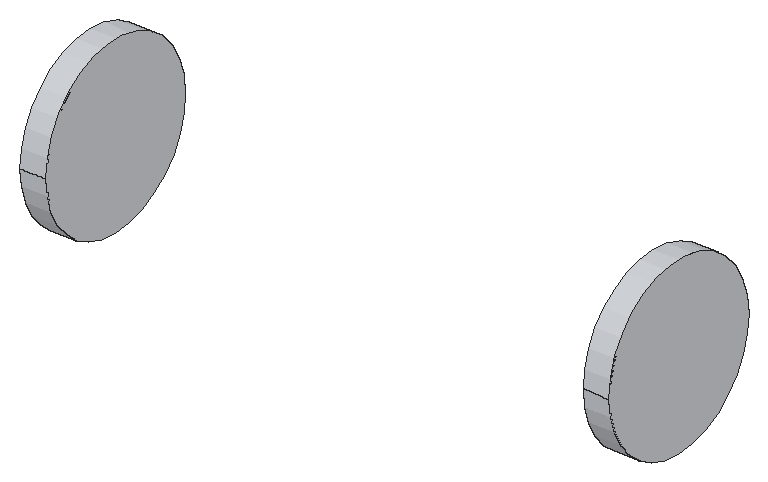
Revit family "SENT400T", category Mechanical Equipment, Revit 2013
Parameters
  Width (including controller) = "1272mm"
  Width (excluding controller) = "1176mm"
  Weight = "90Kg"
  Warranty period = "Unit 2 Years                                       Motor 5 Years"
  Spigot Diameter = "400mm"
  Options = "Weatherproofed and Constant Pressure options"
  Operational and Maintenance Manual = "http://www.vent-axia.com/files/pdf-downloads/432984_0.pdf"
  Operating Temperature = "(-10C to +40C)"
  Length (including Spigots) = "1353mm"
  Length (excluding Spigots) = "1255mm"
  IP Rating  Internal = "IPX2"
  IP Rating  External (WP) = "IPX5"
  Height = "536mm"
  Motor Rating = "450 Watts (max)"
  AC Voltage Input = "220-240 V AC (single phase)"
  Product Description = "Sentinel D-Box Twin Fan"
  Part Number = "SENT400T"
  Manufacturer - Website = "www.vent-axia.com"
  Manufacturer - Name = "Vent-Axia Ltd"
  Manufacturer - Email = "sales@vent-axia.com"
  Manufacturer - Contact Phone = "0844 856 0590"
  Manufacturer - Address = "Fleming Way, Crawley, West Sussex RH10 9YX"
  Country of Manufacture = "UK"
  Category = "Sentinel D-Box Twin Fan"
  AC Frequency Input = "50Hz nominal"
Reference planes
  plane 1 "Center (Front/Back)": y = 0
  plane 2: z = 0
  plane 3 "Center (Left/Right)": x = 0
  plane 4: x = 676.5
  plane 5: y = 588
  plane 6: y = -588
  plane 7: x = -676.5
Forms (mm)
  Extrusion 1, solid
    sketch origin (-676.5, 0, -10) x (0, 1, 0) y (0, 0, 1)
      loop
        circle (0, 278.713) r 200
    from 0 to 59
  Extrusion 2, solid
    sketch origin (676.5, 0, -10) x (0, 1, 0) y (0, 0, -1)
      loop
        circle (0, -278.713) r 200
    from 0 to 59
Connectors
  hvac at (676.5, 0, 268.713)
    settings: on Extrusion 2, index 1, duct flow 0.0 L/s, flow factor 0, pres drop 0.0 Pa, loss coef 0, conn angle 0.00°, conn width 304.8 mm, conn height 304.8 mm, conn radius 200 mm, duct sys type 2, conn prof type 0, flow config 0, flow direction 1, loss method 0, conn ref index -1, conn util no, is conn primary yes, conn desc ""
  hvac at (-676.5, 0, 268.713)
    settings: on Extrusion 1, index 2, duct flow 0.0 L/s, flow factor 0, pres drop 0.0 Pa, loss coef 0, conn angle 0.00°, conn width 304.8 mm, conn height 304.8 mm, conn radius 200 mm, duct sys type 3, conn prof type 0, flow config 0, flow direction 2, loss method 0, conn ref index -1, conn util no, is conn primary no, conn desc ""
